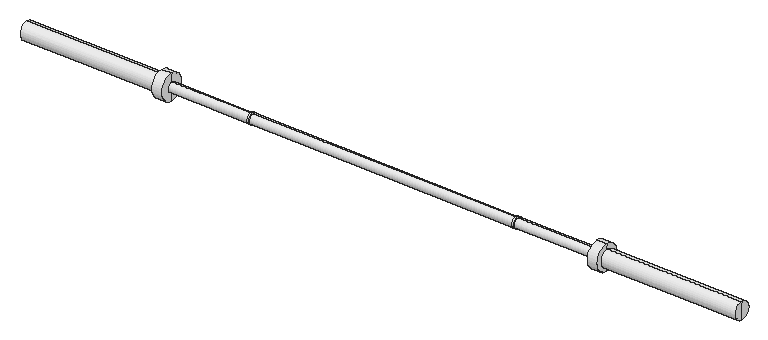
Revit family "Гриф олимпийский", category Оборудование, Revit 2017
Family settings
  Размер круглого соединителя = Использовать диаметр
  Тип детали = Нормальный
  На основе рабочей плоскости = Нет
  Всегда вертикально = Да
  При загрузке вырезать с полостями = Нет
  Общий = Нет
  Точка расчета площади = Нет
Parameters
  Ширина = 2200.0 mm
  Примечание = ""
  Позиция = ""
  Обозначение = "-"
  Наименование = "Гриф олимпийский"
  Масса = "20"
  Код оборудования = ""
  Keynote = ""
  Изготовитель = "Severin"
  Задание [instance] = ""
  Завод = ""
  Единицы = "шт."
  Группа модели = "ТХ"
  Глубина = 75.0 mm
  Высота = 75.0 mm
Reference planes
  plane 1 "По центру (Вперед/Назад)": y = 0
  plane 2: z = 0
  plane 3 "По центру (Влево/Вправо)": x = 0
Forms (mm)
  Revolve 1, solid, material "метхром"
    sketch origin (0, 17.091, 0) x (1, 0, 0) y (0, 0, 1)
      loop
        line (-1100, 37.5) -> (1100, 37.5) -> (1100, 62.5) -> (685, 62.5) -> (685, 75) -> (655, 75) -> (655, 51.5) -> (410, 51.5) -> (410, 52.5) -> (405, 52.5) -> (405, 51.5) -> (-405, 51.5) -> (-405, 52.5) -> (-410, 52.5) -> (-410, 51.5) -> (-655, 51.5) -> (-655, 75) -> (-685, 75) -> (-685, 62.5) -> (-1100, 62.5) -> (-1100, 37.5)
      axis (-1100, 37.5) -> (1100, 37.5)
    angle from 0 to 360
  Revolve 2, solid, material "метхром", not visible
    sketch origin (0, -789.159, 1556.311) x (1, 0, 0) y (0, 0, 1)
      loop
        line (-1100, 37.5) -> (1100, 37.5) -> (1100, 62.5) -> (685, 62.5) -> (685, 75) -> (655, 75) -> (655, 51.5) -> (410, 51.5) -> (410, 52.5) -> (405, 52.5) -> (405, 51.5) -> (-405, 51.5) -> (-405, 52.5) -> (-410, 52.5) -> (-410, 51.5) -> (-655, 51.5) -> (-655, 75) -> (-685, 75) -> (-685, 62.5) -> (-1100, 62.5) -> (-1100, 37.5)
      axis (-1100, 37.5) -> (1100, 37.5)
    angle from 0 to 360
Dimensions and locks
  aligned and locked: level to plane 2
